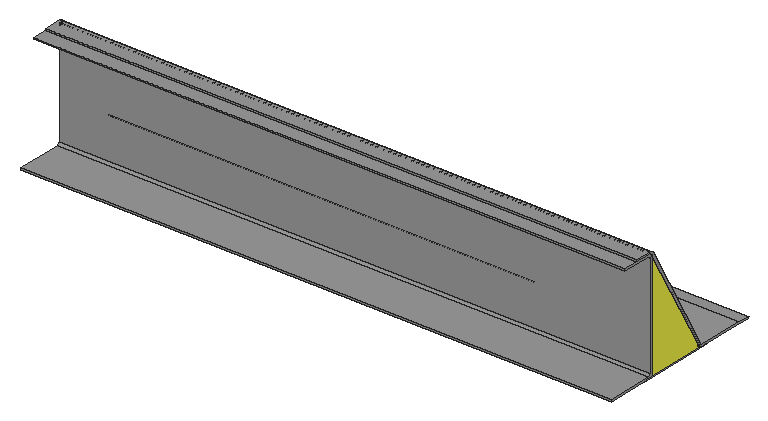
Revit family "CFS K 130 WOL", category Generic Models, Revit 2014
Parameters (values of type "Max lintel length 4800mm")
  URL = "http://www.keystonelintels.co.uk"
  Structural Opening [instance] = 900 mm
  Structural Performance = "The Keystone lintel range has safe working loads as detailed in each applicable loading table in the Keystone Lintel Guide brochure. The structural performance figures within each table have been ascertained by testing in accordance with the requirements of standards BS EN 5977-2: 1983 and BS EN 845-2: 2003."
  RIBA Productor Selector = "available for Keystone Lintels Ltd from Keystone Lintels Ltd from ribaproductselector.com"
  Model = "CFS/K 130 WOL"
  Min Length = 600 mm
  Min Clear Span = 300 mm
  Max Length = 4800 mm
  Max Clear Span = 4800 mm
  Material - Stainless Steel = "Grade 304 2b 1.4307 to BS EN 10088-2. Other grades available on request: contact manufacturer."
  Material - Galvanised Steel = "To BS EN 10346: 2009. DX51D plus Z600 or grade Z275 to BS 5977-2: 1983 (BS EN 845-2: 2003)."
  Manufacturer = "Keystone"
  Manufactured Length [instance] = (roundup(Effective Length / 150 mm) * 150 mm)  # 1200 mm
  Lintel height [instance] = 2100 mm
  Keynote = "F30/755"
  Fire Performance = "Keystone lintels have been subjected to a fire test (WARRES No. 101263) in accordance with BS 476-20: 1987, at Exova Warrington Fire and achieved a one hour fire performance."
  End Bearing = 150 mm
  Effective Length [instance] = Clear Opening with MIN MAX set + End Bearing * 2  # 1200 mm
  Corrosion = "Keystone’s standard range of lintels are manufactured from high quality grade pre-galvanized carbon steel with a zinc coating of 600"
  Contact Tel = "+44 (0)28 8676 2184"
  Contact Email = "info@keystonelintels.co.uk"
  Clear Opening with MIN MAX set [instance] = if(Structural Opening < Min Clear Span, Min Clear Span, (if(Structural Opening > Max Clear Span, Max Clear Span, Structural Opening)))  # 900 mm
  CPD Information = "Available for Keystone Lintels Ltd from ribacpd.com"
Reference planes
  plane 1 "Center (Front/Back)": y = 0
  plane 2: z = 0
  plane 3 "Center (Left/Right)": x = 0
  plane 4: x = -600
  plane 5: x = 600
  plane 6: z = 2100
  plane 7: x = -450
  plane 8: x = 450
Forms (mm)
  Extrusion 1, solid, material "Steel"
    sketch origin (0, 728.285, -496.245) x (0, 1, 0) y (0, 0, 1)
      loop
        line (-543.11, 2595.339) -> (-542.994, 2598.537) -> (-568.025, 2599.445) -> (-663.038, 2599.445)
        arc (-663.038, 2599.445) -> (-663.908, 2599.684) -> (-664.533, 2600.336) r 1.7
        line (-664.533, 2600.336) -> (-786.404, 2822.511)
        arc (-786.404, 2822.511) -> (-788.316, 2824.504) -> (-790.979, 2825.238) r 5.2
        line (-790.979, 2825.238) -> (-825.979, 2825.238) -> (-825.979, 2822.031) -> (-790.975, 2822.031)
        arc (-790.975, 2822.031) -> (-789.956, 2821.752) -> (-789.221, 2820.992) r 2
        line (-789.221, 2820.992) -> (-667.348, 2598.814)
        arc (-667.348, 2598.814) -> (-665.547, 2596.936) -> (-663.038, 2596.245) r 4.9
        line (-663.038, 2596.245) -> (-568.083, 2596.245) -> (-543.11, 2595.339)
    from -600 to 600
  Extrusion 2, solid, material "Steel"
    sketch origin (0, 728.618, -496.238) x (0, 1, 0) y (0, 0, 1)
      loop
        line (-795.978, 2599.438) -> (-890.978, 2599.438) -> (-890.978, 2596.238) -> (-795.978, 2596.238)
        arc (-795.978, 2596.238) -> (-790.392, 2598.551) -> (-788.078, 2604.138) r 7.9
        line (-788.078, 2604.138) -> (-788.078, 2814.131)
        arc (-788.078, 2814.131) -> (-790.392, 2819.717) -> (-795.978, 2822.031) r 7.9
        line (-795.978, 2822.031) -> (-855.978, 2822.031) -> (-855.978, 2818.831) -> (-796.278, 2818.831)
        arc (-796.278, 2818.831) -> (-792.743, 2817.366) -> (-791.278, 2813.831) r 5
        line (-791.278, 2813.831) -> (-791.278, 2604.138)
        arc (-791.278, 2604.138) -> (-792.655, 2600.814) -> (-795.978, 2599.438) r 4.7
    from -600 to 600
  Extrusion 3, solid, material "Steel"
    sketch origin (0, 728.285, -496.245) x (0, 1, 0) y (0, 0, 1)
      loop
        line (-804.449, 2595.245) -> (-649.418, 2595.245) -> (-649.418, 2596.245) -> (-665.61, 2596.245) -> (-666.418, 2596.245) -> (-670.154, 2603.319) -> (-671.038, 2602.852) -> (-667.549, 2596.245) -> (-804.449, 2596.245) -> (-804.449, 2595.245)
    from -600 to 600
  Extrusion 4, solid, material "Insulation"
    sketch origin (0, 728.285, -496.245) x (0, 1, 0) y (0, 0, 1)
      loop
        arc (-663.038, 2596.245) -> (-665.547, 2596.936) -> (-667.348, 2598.814) r 4.9
        line (-667.348, 2598.814) -> (-789.221, 2820.992)
        arc (-789.221, 2820.992) -> (-789.956, 2821.752) -> (-790.975, 2822.031) r 2
        line (-790.975, 2822.031) -> (-795.978, 2822.031)
        arc (-795.978, 2822.031) -> (-790.392, 2819.717) -> (-788.078, 2814.131) r 7.9
        line (-788.078, 2814.131) -> (-788.078, 2604.138)
        arc (-788.078, 2604.138) -> (-790.276, 2598.67) -> (-795.646, 2596.245) r 7.9
        line (-795.646, 2596.245) -> (-667.549, 2596.245) -> (-671.038, 2602.852) -> (-670.154, 2603.319) -> (-666.418, 2596.245) -> (-663.038, 2596.245)
    from -600 to 600
  Extrusion 5, solid, not visible
    sketch origin (0, 989.236, 1237.266) x (0, 1, 0) y (0, 0, 1)
      loop
        line (-543.11, 995.339) -> (-542.994, 998.537) -> (-568.025, 999.445) -> (-663.038, 999.445)
        arc (-663.038, 999.445) -> (-663.908, 999.684) -> (-664.533, 1000.336) r 1.7
        line (-664.533, 1000.336) -> (-786.404, 1222.511)
        arc (-786.404, 1222.511) -> (-788.316, 1224.504) -> (-790.979, 1225.238) r 5.2
        line (-790.979, 1225.238) -> (-825.979, 1225.238) -> (-825.979, 1222.031) -> (-790.975, 1222.031)
        arc (-790.975, 1222.031) -> (-789.956, 1221.752) -> (-789.221, 1220.992) r 2
        line (-789.221, 1220.992) -> (-667.348, 998.814)
        arc (-667.348, 998.814) -> (-665.547, 996.936) -> (-663.038, 996.245) r 4.9
        line (-663.038, 996.245) -> (-568.083, 996.245) -> (-543.11, 995.339)
    from 0 to 250
  Extrusion 6, solid, not visible
    sketch origin (0, 711.08, 1224.828) x (0, 1, 0) y (0, 0, 1)
      loop
        line (-795.978, 999.438) -> (-890.978, 999.438) -> (-890.978, 996.238) -> (-795.978, 996.238)
        arc (-795.978, 996.238) -> (-790.392, 998.551) -> (-788.078, 1004.138) r 7.9
        line (-788.078, 1004.138) -> (-788.078, 1214.131)
        arc (-788.078, 1214.131) -> (-790.392, 1219.717) -> (-795.978, 1222.031) r 7.9
        line (-795.978, 1222.031) -> (-855.978, 1222.031) -> (-855.978, 1218.831) -> (-796.278, 1218.831)
        arc (-796.278, 1218.831) -> (-792.743, 1217.366) -> (-791.278, 1213.831) r 5
        line (-791.278, 1213.831) -> (-791.278, 1004.138)
        arc (-791.278, 1004.138) -> (-792.655, 1000.814) -> (-795.978, 999.438) r 4.7
    from 0 to 250
  Extrusion 7, solid, not visible
    sketch origin (0, 913.456, 963.181) x (0, 1, 0) y (0, 0, 1)
      loop
        line (-804.449, 995.245) -> (-649.418, 995.245) -> (-649.418, 996.245) -> (-665.61, 996.245) -> (-666.418, 996.245) -> (-670.154, 1003.319) -> (-671.038, 1002.852) -> (-667.549, 996.245) -> (-804.449, 996.245) -> (-804.449, 995.245)
    from 0 to 250
  Extrusion 8, solid, not visible
    sketch origin (0, 582.102, 850.575) x (0, 1, 0) y (0, 0, 1)
      loop
        arc (-663.038, 996.245) -> (-665.547, 996.936) -> (-667.348, 998.814) r 4.9
        line (-667.348, 998.814) -> (-789.221, 1220.992)
        arc (-789.221, 1220.992) -> (-789.956, 1221.752) -> (-790.975, 1222.031) r 2
        line (-790.975, 1222.031) -> (-795.978, 1222.031)
        arc (-795.978, 1222.031) -> (-790.392, 1219.717) -> (-788.078, 1214.131) r 7.9
        line (-788.078, 1214.131) -> (-788.078, 1004.138)
        arc (-788.078, 1004.138) -> (-790.276, 998.67) -> (-795.646, 996.245) r 7.9
        line (-795.646, 996.245) -> (-667.549, 996.245) -> (-671.038, 1002.852) -> (-670.154, 1003.319) -> (-666.418, 996.245) -> (-663.038, 996.245)
    from 0 to 250
Dimensions and locks
  equal spacing: plane 4, plane 3 "Center (Left/Right)", plane 5
  "Manufactured Length": plane 4 to plane 5
  "Lintel height": plane 6 to level
  "Structural Opening": plane 7 to plane 8
  equal spacing: plane 7, plane 3 "Center (Left/Right)", plane 8
  aligned and locked: level to plane 2
  aligned and locked: Extrusion 1 to plane 6
  aligned and locked: Extrusion 4 to plane 6
  aligned and locked: Extrusion 2 to plane 6
  aligned and locked: plane 6 to Extrusion 3
  aligned and locked: plane 5 to Extrusion 2
  aligned and locked: Extrusion 2 to plane 4
  aligned and locked: plane 5 to Extrusion 1
  aligned and locked: Extrusion 1 to plane 4
  aligned and locked: plane 5 to Extrusion 4
  aligned and locked: Extrusion 4 to plane 4
  aligned and locked: plane 5 to Extrusion 3
  aligned and locked: Extrusion 3 to plane 4
Automatic sketch dimensions
  Extrusion 1 sketch curve to Extrusion 1 sketch curve = 94.955 mm
  Extrusion 1 sketch curve to Extrusion 1 sketch curve = 24.973 mm
  Extrusion 1 sketch curve to Extrusion 1 sketch curve = 0.905 mm
  Extrusion 1 sketch curve to Extrusion 1 sketch curve = 0.116 mm
  Extrusion 1 sketch curve to Extrusion 1 sketch curve = 0.058 mm
  Extrusion 1 sketch curve to Extrusion 1 sketch curve = 0 mm  (x4)
  Extrusion 1 sketch curve to Extrusion 1 sketch curve = 1.7 mm
  Extrusion 1 sketch curve to Extrusion 1 sketch curve = 4.31 mm
  Extrusion 1 sketch curve to Extrusion 1 sketch curve = 121.873 mm
  Extrusion 1 sketch curve to Extrusion 1 sketch curve = 222.179 mm
  Extrusion 1 sketch curve to Extrusion 1 sketch curve = 1.495 mm
  Extrusion 1 sketch curve to Extrusion 1 sketch curve = 2.817 mm
  Extrusion 1 sketch curve to Extrusion 1 sketch curve = 1.519 mm
  Extrusion 1 sketch curve to Extrusion 1 sketch curve = 1.754 mm
  Extrusion 1 sketch curve to Extrusion 1 sketch curve = 0.962 mm
  Extrusion 1 sketch curve to Extrusion 1 sketch curve = 35.004 mm
  Extrusion 1 sketch curve to Extrusion 1 sketch curve = 0.004 mm
  Extrusion 1 sketch curve to Extrusion 1 sketch curve = 0.007 mm
  Extrusion 2 sketch curve to Extrusion 2 sketch curve = 3.2 mm
  Extrusion 2 sketch curve to Extrusion 2 sketch curve = 95 mm
  Extrusion 2 sketch curve to Extrusion 2 sketch curve = 0 mm  (x4)
  Extrusion 2 sketch curve to Extrusion 2 sketch curve = 4.7 mm  (x2)
  Extrusion 2 sketch curve to Extrusion 2 sketch curve = 209.693 mm
  Extrusion 2 sketch curve to Extrusion 2 sketch curve = 0.3 mm  (x2)
  Extrusion 2 sketch curve to Extrusion 2 sketch curve = 59.7 mm
  Extrusion 3 sketch curve to Extrusion 3 sketch curve = 155.031 mm
  Extrusion 3 sketch curve to Extrusion 3 sketch curve = 1 mm
  Extrusion 3 sketch curve to Extrusion 3 sketch curve = 17 mm
  Extrusion 3 sketch curve to Extrusion 3 sketch curve = 3.736 mm
  Extrusion 3 sketch curve to Extrusion 3 sketch curve = 0.808 mm
  Extrusion 3 sketch curve to Extrusion 3 sketch curve = 7.074 mm
  Extrusion 3 sketch curve to Extrusion 3 sketch curve = 0.884 mm
  Extrusion 3 sketch curve to Extrusion 3 sketch curve = 1.131 mm
  Extrusion 4 sketch curve to Extrusion 4 sketch curve = 4.31 mm
  Extrusion 4 sketch curve to Extrusion 4 sketch curve = 2.331 mm
  Extrusion 4 sketch curve to Extrusion 4 sketch curve = 121.873 mm
  Extrusion 4 sketch curve to Extrusion 4 sketch curve = 0.93 mm
  Extrusion 4 sketch curve to Extrusion 4 sketch curve = 0 mm  (x3)
  Extrusion 4 sketch curve to Extrusion 4 sketch curve = 222.179 mm
  Extrusion 4 sketch curve to Extrusion 4 sketch curve = 2.806 mm
  Extrusion 4 sketch curve to Extrusion 4 sketch curve = 4.505 mm
  Extrusion 4 sketch curve to Extrusion 4 sketch curve = 0.884 mm
  Extrusion 4 sketch curve to Extrusion 4 sketch curve = 1.131 mm
  Extrusion 4 sketch curve to Extrusion 4 sketch curve = 124.607 mm
  Extrusion 4 sketch curve to Extrusion 4 sketch curve = 0.333 mm
  Extrusion 4 sketch curve to Extrusion 4 sketch curve = 7.893 mm
  Extrusion 4 sketch curve to Extrusion 4 sketch curve = 6.862 mm
  Extrusion 4 sketch curve to Extrusion 4 sketch curve = 1.754 mm
  Extrusion 4 sketch curve to Extrusion 4 sketch curve = 0.962 mm
  Extrusion 4 sketch curve to Extrusion 4 sketch curve = 5.004 mm
  Extrusion 5 sketch curve to Extrusion 5 sketch curve = 94.955 mm
  Extrusion 5 sketch curve to Extrusion 5 sketch curve = 24.973 mm
  Extrusion 5 sketch curve to Extrusion 5 sketch curve = 0.905 mm
  Extrusion 5 sketch curve to Extrusion 5 sketch curve = 0.116 mm
  Extrusion 5 sketch curve to Extrusion 5 sketch curve = 0.058 mm
  Extrusion 5 sketch curve to Extrusion 5 sketch curve = 0 mm  (x4)
  Extrusion 5 sketch curve to Extrusion 5 sketch curve = 1.7 mm
  Extrusion 5 sketch curve to Extrusion 5 sketch curve = 4.31 mm
  Extrusion 5 sketch curve to Extrusion 5 sketch curve = 121.873 mm
  Extrusion 5 sketch curve to Extrusion 5 sketch curve = 222.179 mm
  Extrusion 5 sketch curve to Extrusion 5 sketch curve = 1.495 mm
  Extrusion 5 sketch curve to Extrusion 5 sketch curve = 2.817 mm
  Extrusion 5 sketch curve to Extrusion 5 sketch curve = 1.519 mm
  Extrusion 5 sketch curve to Extrusion 5 sketch curve = 1.754 mm
  Extrusion 5 sketch curve to Extrusion 5 sketch curve = 0.962 mm
  Extrusion 5 sketch curve to Extrusion 5 sketch curve = 35.004 mm
  Extrusion 5 sketch curve to Extrusion 5 sketch curve = 0.004 mm
  Extrusion 5 sketch curve to Extrusion 5 sketch curve = 0.007 mm
  Extrusion 6 sketch curve to Extrusion 6 sketch curve = 3.2 mm
  Extrusion 6 sketch curve to Extrusion 6 sketch curve = 95 mm
  Extrusion 6 sketch curve to Extrusion 6 sketch curve = 0 mm  (x4)
  Extrusion 6 sketch curve to Extrusion 6 sketch curve = 4.7 mm  (x2)
  Extrusion 6 sketch curve to Extrusion 6 sketch curve = 209.693 mm
  Extrusion 6 sketch curve to Extrusion 6 sketch curve = 0.3 mm  (x2)
  Extrusion 6 sketch curve to Extrusion 6 sketch curve = 59.7 mm
  Extrusion 7 sketch curve to Extrusion 7 sketch curve = 155.031 mm
  Extrusion 7 sketch curve to Extrusion 7 sketch curve = 1 mm
  Extrusion 7 sketch curve to Extrusion 7 sketch curve = 17 mm
  Extrusion 7 sketch curve to Extrusion 7 sketch curve = 3.736 mm
  Extrusion 7 sketch curve to Extrusion 7 sketch curve = 0.808 mm
  Extrusion 7 sketch curve to Extrusion 7 sketch curve = 7.074 mm
  Extrusion 7 sketch curve to Extrusion 7 sketch curve = 0.884 mm
  Extrusion 7 sketch curve to Extrusion 7 sketch curve = 1.131 mm
  Extrusion 8 sketch curve to Extrusion 8 sketch curve = 4.31 mm
  Extrusion 8 sketch curve to Extrusion 8 sketch curve = 2.331 mm
  Extrusion 8 sketch curve to Extrusion 8 sketch curve = 121.873 mm
  Extrusion 8 sketch curve to Extrusion 8 sketch curve = 0.93 mm
  Extrusion 8 sketch curve to Extrusion 8 sketch curve = 0 mm  (x3)
  Extrusion 8 sketch curve to Extrusion 8 sketch curve = 222.179 mm
  Extrusion 8 sketch curve to Extrusion 8 sketch curve = 2.806 mm
  Extrusion 8 sketch curve to Extrusion 8 sketch curve = 4.505 mm
  Extrusion 8 sketch curve to Extrusion 8 sketch curve = 0.884 mm
  Extrusion 8 sketch curve to Extrusion 8 sketch curve = 1.131 mm
  Extrusion 8 sketch curve to Extrusion 8 sketch curve = 124.607 mm
  Extrusion 8 sketch curve to Extrusion 8 sketch curve = 0.333 mm
  Extrusion 8 sketch curve to Extrusion 8 sketch curve = 7.893 mm
  Extrusion 8 sketch curve to Extrusion 8 sketch curve = 6.862 mm
  Extrusion 8 sketch curve to Extrusion 8 sketch curve = 1.754 mm
  Extrusion 8 sketch curve to Extrusion 8 sketch curve = 0.962 mm
  Extrusion 8 sketch curve to Extrusion 8 sketch curve = 5.004 mm
  Extrusion 2 sketch curve to plane 6 = 0 mm
  plane 1 "Center (Front/Back)" to Extrusion 2 sketch curve = 162.361 mm
  Extrusion 4 sketch curve to plane 6 = 0 mm
  plane 1 "Center (Front/Back)" to Extrusion 4 sketch curve = 67.694 mm
  Extrusion 3 sketch curve to plane 6 = 0 mm
  plane 1 "Center (Front/Back)" to Extrusion 3 sketch curve = 76.164 mm
  Extrusion 1 sketch curve to plane 6 = 0 mm
  plane 1 "Center (Front/Back)" to Extrusion 1 sketch curve = 97.694 mm
